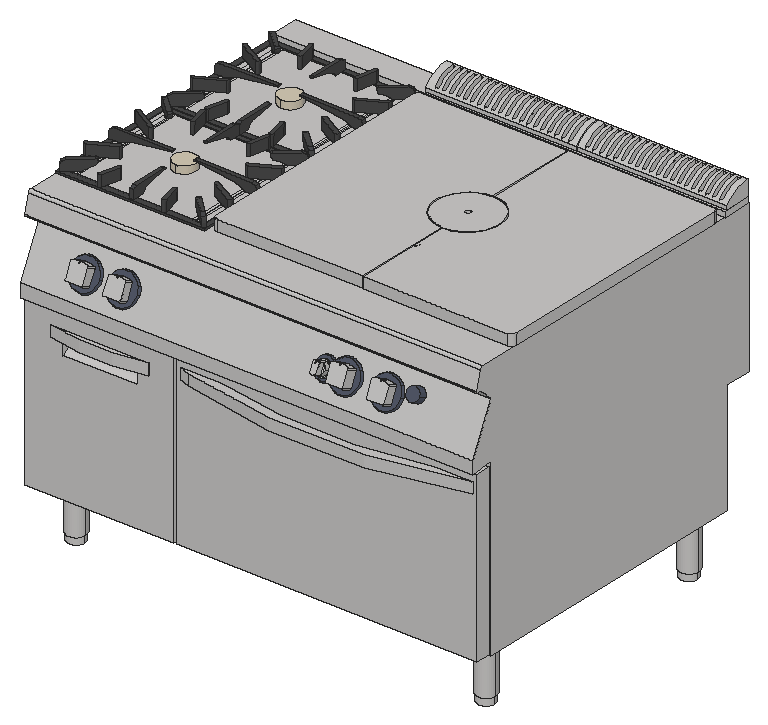
Revit family "QF_ZANUSSI_392021_Z9STGL3010", category Specialty Equipment, Revit 2018 (continued)
Definition of nested family "QF_392021_BURNER"
  Automatic sketch dimensions
    curve 22 to curve 23 = 17.925 mm
    curve 25 to curve 22 = 3.035 mm
    plane 8 "Center X" to curve 26 = 43.244 mm
    curve 15 to curve 15 = 5.054 mm
    plane 8 "Center X" to curve 17 = 1.126 mm
    curve 94 to curve 12 = 5.286 mm
    curve 58 to plane 5 "FRONT" = 15 mm
    curve 59 to plane 5 "FRONT" = 15 mm
    curve 8 to plane 5 "FRONT" = 5.6 mm
    plane 3 "LEFT" to Extrusion 1 sketch curve = 0.709 mm
    plane 3 "LEFT" to Extrusion 1 sketch curve = 3.327 mm
    Extrusion 1 sketch curve to Extrusion 1 sketch curve = 10.201 mm
    plane 10 to Extrusion 1 sketch curve = 5 mm  (x2)
    Extrusion 1 sketch curve to Extrusion 1 sketch curve = 29.447 mm
    Extrusion 1 sketch curve to Extrusion 1 sketch curve = 12.704 mm  (x2)
    Extrusion 1 sketch curve to Extrusion 1 sketch curve = 15.555 mm  (x2)
    plane 3 "LEFT" to Extrusion 1 sketch curve = 79.689 mm
    Extrusion 1 sketch curve to plane 7 "Center Y" = 30.161 mm
    Extrusion 1 sketch curve to Extrusion 1 sketch curve = 0.167 mm  (x2)
    plane 7 "Center Y" to Extrusion 1 sketch curve = 29.994 mm
    Extrusion 1 sketch curve to plane 4 "RIGHT" = 79.689 mm
    plane 10 to Extrusion 1 sketch curve = 18.171 mm
    Extrusion 1 sketch curve to plane 4 "RIGHT" = 58.415 mm
    Extrusion 1 sketch curve to plane 4 "RIGHT" = 13.528 mm
    Extrusion 1 sketch curve to plane 4 "RIGHT" = 3.327 mm
    Extrusion 1 sketch curve to plane 4 "RIGHT" = 0.709 mm
    Extrusion 1 sketch curve to Extrusion 1 sketch curve = 23.902 mm  (x2)
    Extrusion 1 sketch curve to plane 6 "TOP" = 26.807 mm  (x2)
    Extrusion 1 sketch curve to Extrusion 1 sketch curve = 1.185 mm  (x2)
    Extrusion 1 sketch curve to Extrusion 1 sketch curve = 5.694 mm
    Extrusion 2 sketch curve to plane 1 "BACK" = 0 mm
    plane 1 "BACK" to Extrusion 2 sketch curve = 10.213 mm
    plane 10 to Extrusion 2 sketch curve = 5 mm  (x2)
    plane 1 "BACK" to Extrusion 2 sketch curve = 29.066 mm
    plane 10 to Extrusion 2 sketch curve = 20.886 mm
    Extrusion 2 sketch curve to Extrusion 2 sketch curve = 22.688 mm  (x2)
    Extrusion 2 sketch curve to plane 10 = 7.392 mm  (x2)
    Extrusion 2 sketch curve to plane 6 "TOP" = 24.425 mm
    Extrusion 2 sketch curve to Extrusion 2 sketch curve = 51.752 mm
    Extrusion 2 sketch curve to plane 6 "TOP" = 26.807 mm  (x2)
    Extrusion 2 sketch curve to Extrusion 2 sketch curve = 0.167 mm  (x2)
    Extrusion 2 sketch curve to plane 8 "Center X" = 68.528 mm
    Extrusion 2 sketch curve to plane 5 "FRONT" = 60.248 mm
    Extrusion 2 sketch curve to Extrusion 2 sketch curve = 2.895 mm
    Extrusion 2 sketch curve to plane 5 "FRONT" = 15.813 mm
    Extrusion 2 sketch curve to plane 5 "FRONT" = 5.6 mm
    Extrusion 2 sketch curve to Extrusion 2 sketch curve = 4.731 mm
    Extrusion 2 sketch curve to Extrusion 2 sketch curve = 23.844 mm
    Extrusion 2 sketch curve to Extrusion 2 sketch curve = 1.185 mm
    plane 1 "BACK" to Extrusion 3 sketch curve = 0 mm
    Extrusion 3 sketch curve to plane 3 "LEFT" = 0 mm
    plane 5 "FRONT" to Extrusion 3 sketch curve = 0 mm
    Extrusion 3 sketch curve to plane 4 "RIGHT" = 0 mm
    plane 1 "BACK" to Extrusion 3 sketch curve = 15 mm
    Extrusion 3 sketch curve to plane 5 "FRONT" = 15 mm
    plane 3 "LEFT" to Extrusion 3 sketch curve = 15 mm
    Extrusion 3 sketch curve to plane 4 "RIGHT" = 15 mm
    Extrusion 3 to Extrusion 4 sketch curve = 159.603 mm
    Extrusion 5 sketch curve to plane 10 = 0 mm
    plane 3 "LEFT" to Extrusion 5 sketch curve = 15 mm
    Extrusion 5 sketch curve to Extrusion 5 sketch curve = 14.402 mm
    plane 10 to Extrusion 5 sketch curve = 5 mm
    Extrusion 5 sketch curve to Extrusion 5 sketch curve = 15.156 mm
    plane 10 to Extrusion 5 sketch curve = 2.933 mm  (x3)
    Extrusion 5 sketch curve to Extrusion 5 sketch curve = 7.716 mm  (x2)
    Extrusion 5 sketch curve to Extrusion 5 sketch curve = 0 mm  (x3)
    Extrusion 5 sketch curve to Extrusion 5 sketch curve = 1.692 mm  (x2)
    Extrusion 5 sketch curve to Extrusion 5 sketch curve = 3.385 mm  (x2)
    Extrusion 5 sketch curve to plane 10 = 3.559 mm  (x2)
    plane 10 to Extrusion 5 sketch curve = 3.679 mm
    Extrusion 5 sketch curve to plane 4 "RIGHT" = 45.799 mm
    Extrusion 5 sketch curve to Extrusion 5 sketch curve = 1.143 mm
    Extrusion 5 sketch curve to plane 10 = 13.244 mm
    Extrusion 5 sketch curve to plane 4 "RIGHT" = 15 mm
    plane 10 to Extrusion 6 sketch curve = 5 mm  (x2)
    Extrusion 6 sketch curve to Extrusion 6 sketch curve = 2.692 mm  (x2)
    Extrusion 6 sketch curve to Extrusion 6 sketch curve = 10.213 mm  (x2)
    plane 10 to Extrusion 6 sketch curve = 12.281 mm
    Extrusion 6 sketch curve to Extrusion 6 sketch curve = 29.348 mm  (x2)
    Extrusion 6 sketch curve to Extrusion 6 sketch curve = 3.155 mm  (x2)
    Extrusion 6 sketch curve to Extrusion 6 sketch curve = 22.572 mm
    Extrusion 6 sketch curve to Extrusion 6 sketch curve = 8.81 mm
    Extrusion 6 sketch curve to Extrusion 6 sketch curve = 9.845 mm  (x2)
    Extrusion 6 sketch curve to Extrusion 6 sketch curve = 3.99 mm  (x2)
    Extrusion 6 sketch curve to Extrusion 6 sketch curve = 0 mm  (x2)
    Extrusion 6 sketch curve to Extrusion 6 sketch curve = 49.533 mm
    Extrusion 6 sketch curve to plane 10 = 64.377 mm
    Extrusion 6 sketch curve to Extrusion 6 sketch curve = 326.397 mm
    Extrusion 6 sketch curve to plane 6 "TOP" = 28.141 mm
    Extrusion 6 sketch curve to Extrusion 6 sketch curve = 16.281 mm
    Extrusion 6 sketch curve to Extrusion 6 sketch curve = 1.035 mm
    Extrusion 6 sketch curve to Extrusion 6 sketch curve = 19.417 mm
    Extrusion 6 sketch curve to Extrusion 6 sketch curve = 4.763 mm  (x2)
    Extrusion 6 sketch curve to Extrusion 6 sketch curve = 3.716 mm
    plane 10 to Extrusion 7 sketch curve = 5 mm  (x2)
    Extrusion 7 sketch curve to Extrusion 7 sketch curve = 2.692 mm  (x2)
    Extrusion 7 sketch curve to Extrusion 7 sketch curve = 10.213 mm  (x2)
    plane 10 to Extrusion 7 sketch curve = 12.281 mm
    Extrusion 7 sketch curve to Extrusion 7 sketch curve = 29.348 mm  (x2)
    Extrusion 7 sketch curve to Extrusion 7 sketch curve = 3.155 mm  (x2)
    Extrusion 7 sketch curve to Extrusion 7 sketch curve = 22.572 mm
    Extrusion 7 sketch curve to Extrusion 7 sketch curve = 8.81 mm
    Extrusion 7 sketch curve to Extrusion 7 sketch curve = 9.845 mm  (x2)
    Extrusion 7 sketch curve to Extrusion 7 sketch curve = 3.99 mm  (x2)
    Extrusion 7 sketch curve to Extrusion 7 sketch curve = 0 mm  (x2)
    Extrusion 7 sketch curve to Extrusion 7 sketch curve = 21.306 mm
    Extrusion 7 sketch curve to plane 10 = 64.377 mm  (x2)
    Extrusion 7 sketch curve to Extrusion 7 sketch curve = 326.397 mm
    Extrusion 7 sketch curve to plane 6 "TOP" = 28.141 mm
    Extrusion 7 sketch curve to Extrusion 7 sketch curve = 16.281 mm
    Extrusion 7 sketch curve to Extrusion 7 sketch curve = 1.035 mm
    Extrusion 7 sketch curve to Extrusion 7 sketch curve = 19.417 mm
    Extrusion 7 sketch curve to Extrusion 7 sketch curve = 7.281 mm
    Extrusion 7 sketch curve to Extrusion 7 sketch curve = 10.713 mm
    curve 58 to curve 12 = 72.824 mm
    curve 30 to curve 30 = 73.227 mm
    curve 58 to curve 5 = 10.263 mm
    curve 5 to curve 58 = 0 mm
    curve 59 to curve 30 = 10.263 mm
    curve 30 to curve 8 = 9.4 mm
    curve 31 to curve 32 = 0 mm
    curve 33 to curve 38 = 0 mm  (x2)
    curve 33 to curve 39 = 0 mm  (x2)
    curve 33 to curve 40 = 0 mm  (x2)
    plane 1 "BACK" to curve 41 = 0 mm
    curve 41 to plane 3 "LEFT" = 0 mm
    curve 31 to plane 7 "Center Y" = 0 mm
    curve 33 to plane 7 "Center Y" = 0 mm
    curve 41 to plane 4 "RIGHT" = 0 mm
    plane 3 "LEFT" to curve 76 = 1.326 mm
    plane 3 "LEFT" to curve 64 = 1.326 mm
    plane 3 "LEFT" to curve 44 = 2.995 mm
    plane 3 "LEFT" to curve 46 = 2.995 mm
    curve 43 to curve 43 = 2.408 mm
    curve 46 to curve 47 = 2.408 mm
    curve 47 to curve 47 = 2.408 mm
    curve 43 to curve 42 = 2.408 mm
    curve 76 to plane 5 "FRONT" = 0.514 mm
    plane 3 "LEFT" to curve 76 = 8.029 mm
    plane 1 "BACK" to curve 62 = 0.514 mm
    plane 3 "LEFT" to curve 62 = 8.029 mm
    curve 48 to curve 75 = 50.941 mm
    curve 43 to curve 63 = 50.941 mm
    curve 75 to curve 75 = 3.351 mm
    curve 63 to curve 63 = 3.351 mm
    plane 1 "BACK" to curve 62 = 52.383 mm
    curve 63 to curve 62 = 3.351 mm
    curve 74 to plane 5 "FRONT" = 52.383 mm
    curve 75 to curve 74 = 3.351 mm
    plane 3 "LEFT" to curve 46 = 65.629 mm
    plane 3 "LEFT" to curve 44 = 65.629 mm
    curve 45 to curve 45 = 2.408 mm
    curve 46 to curve 49 = 2.408 mm
    curve 49 to curve 48 = 2.408 mm
    curve 45 to curve 42 = 2.408 mm
    curve 38 to plane 8 "Center X" = 2.597 mm
    curve 38 to plane 7 "Center Y" = 51.172 mm
    curve 33 to plane 8 "Center X" = 2.597 mm
    curve 38 to curve 33 = 12.999 mm
    curve 33 to plane 7 "Center Y" = 5 mm
    curve 38 to plane 7 "Center Y" = 5 mm
    curve 31 to curve 33 = 0 mm
    plane 7 "Center Y" to curve 32 = 5 mm
    plane 7 "Center Y" to curve 40 = 5 mm
    curve 39 to curve 32 = 0 mm
    curve 39 to plane 8 "Center X" = 2.597 mm
    plane 7 "Center Y" to curve 39 = 38.172 mm
    curve 40 to plane 8 "Center X" = 2.704 mm
    curve 39 to curve 40 = 12.979 mm
    curve 50 to plane 4 "RIGHT" = 70.445 mm
    curve 57 to plane 4 "RIGHT" = 70.445 mm
    curve 50 to curve 53 = 2.408 mm
    curve 57 to curve 57 = 2.408 mm  (x2)
    curve 53 to curve 53 = 2.408 mm
    curve 71 to curve 71 = 3.351 mm
    curve 67 to curve 67 = 3.351 mm
    curve 71 to curve 69 = 3.351 mm
    curve 67 to curve 65 = 3.351 mm
    curve 60 to plane 4 "RIGHT" = 15 mm
    curve 72 to plane 5 "FRONT" = 0.514 mm
    curve 72 to plane 4 "RIGHT" = 8.029 mm
    plane 1 "BACK" to curve 68 = 0.514 mm
    curve 68 to plane 4 "RIGHT" = 8.029 mm
    curve 50 to plane 4 "RIGHT" = 7.81 mm
    curve 55 to plane 4 "RIGHT" = 7.81 mm
    curve 55 to curve 55 = 2.408 mm
    curve 50 to curve 51 = 2.408 mm
    curve 55 to plane 4 "RIGHT" = 2.995 mm
    curve 51 to plane 4 "RIGHT" = 2.995 mm
    curve 69 to plane 4 "RIGHT" = 1.326 mm
    curve 65 to plane 4 "RIGHT" = 1.326 mm
    curve 72 to plane 5 "FRONT" = 7.935 mm
    curve 60 to plane 5 "FRONT" = 20.286 mm
    curve 71 to curve 56 = 27.93 mm
    curve 73 to curve 48 = 27.93 mm
    curve 47 to curve 47 = 4.382 mm
    curve 55 to curve 55 = 4.382 mm
    curve 56 to plane 8 "Center X" = 55.651 mm
    curve 48 to plane 8 "Center X" = 55.651 mm
    curve 57 to curve 57 = 4.382 mm
    curve 49 to curve 49 = 4.382 mm
    curve 40 to plane 8 "Center X" = 44.773 mm
    curve 39 to curve 32 = 4.818 mm
    plane 8 "Center X" to curve 31 = 2.403 mm
    plane 8 "Center X" to curve 45 = 46.886 mm
    plane 8 "Center X" to curve 52 = 46.886 mm
    curve 53 to curve 53 = 4.382 mm
    curve 45 to curve 45 = 4.382 mm
    curve 53 to curve 52 = 34.416 mm
    curve 44 to curve 61 = 36.694 mm
    curve 43 to curve 43 = 4.382 mm
    curve 51 to curve 51 = 4.382 mm
    curve 51 to curve 65 = 27.93 mm
    plane 1 "BACK" to curve 83 = 20.286 mm
    plane 1 "BACK" to curve 88 = 15 mm
    plane 1 "BACK" to curve 77 = 15 mm
    curve 77 to curve 83 = 30.799 mm
    curve 78 to plane 5 "FRONT" = 15 mm
    curve 80 to curve 71 = 7.989 mm
    curve 78 to curve 60 = 30.799 mm
    curve 78 to curve 80 = 13.475 mm
    curve 55 to curve 79 = 10.979 mm
    curve 82 to curve 57 = 6.514 mm
    curve 80 to curve 78 = 0 mm
    curve 80 to curve 82 = 11.41 mm
    curve 77 to curve 66 = 37.77 mm
    curve 60 to curve 79 = 11.41 mm
    plane 8 "Center X" to curve 81 = 7.403 mm
    plane 8 "Center X" to curve 84 = 7.403 mm
    curve 82 to plane 8 "Center X" = 2.597 mm
    curve 82 to curve 84 = 0 mm
    curve 79 to plane 8 "Center X" = 2.597 mm
    curve 79 to curve 81 = 0 mm
    curve 81 to curve 51 = 10.979 mm
    curve 53 to curve 85 = 17.924 mm
    curve 84 to curve 81 = 30.799 mm
    curve 84 to curve 85 = 11.41 mm
    curve 52 to curve 84 = 19.83 mm
    curve 81 to curve 83 = 11.41 mm
    curve 67 to curve 85 = 7.989 mm
    curve 85 to curve 77 = 0 mm
    curve 85 to curve 77 = 13.475 mm
    curve 86 to curve 37 = 26.152 mm
    curve 4 to curve 86 = 10.263 mm
    curve 86 to curve 4 = 0 mm
    curve 36 to curve 21 = 26.152 mm
    curve 88 to curve 88 = 25 mm
    plane 8 "Center X" to curve 89 = 69.193 mm
    curve 43 to curve 90 = 9.597 mm
    curve 43 to curve 90 = 0.432 mm
    plane 1 "BACK" to curve 90 = 20.286 mm
    curve 93 to plane 8 "Center X" = 2.597 mm
    plane 8 "Center X" to curve 91 = 7.403 mm
    curve 95 to plane 8 "Center X" = 69.193 mm
    curve 93 to curve 94 = 28.333 mm
    curve 95 to curve 12 = 33.104 mm
    curve 21 to curve 87 = 10.263 mm
    curve 87 to curve 21 = 0 mm
    curve 91 to curve 90 = 11.41 mm
    curve 89 to curve 87 = 21.732 mm
    curve 89 to curve 92 = 11.41 mm
    curve 92 to curve 89 = 0 mm
    plane 8 "Center X" to curve 92 = 7.403 mm
    curve 91 to curve 90 = 0 mm
    curve 93 to curve 95 = 0 mm
    curve 93 to curve 95 = 11.41 mm
    curve 11 to curve 94 = 0 mm
    curve 11 to curve 94 = 11.41 mm
    curve 95 to curve 11 = 30.799 mm
    curve 95 to curve 12 = 13.475 mm
    plane 3 "LEFT" to curve 95 = 45.799 mm
    curve 95 to curve 5 = 33.104 mm
    Extrusion 8 sketch curve to Extrusion 3 = 5.275 mm  (x2)
    Extrusion 8 sketch curve to Extrusion 8 sketch curve = 1.125 mm  (x16)
    Extrusion 3 to Extrusion 8 sketch curve = 38.711 mm  (x2)
    Extrusion 8 sketch curve to Extrusion 3 = 7.19 mm  (x3)
    Extrusion 3 to Extrusion 8 sketch curve = 72.734 mm  (x2)
    Extrusion 8 sketch curve to Extrusion 8 sketch curve = 4.382 mm  (x16)
    Extrusion 8 sketch curve to Extrusion 3 = 2.995 mm  (x4)
    Extrusion 8 sketch curve to Extrusion 8 sketch curve = 34.416 mm  (x4)
    Extrusion 3 to Extrusion 8 sketch curve = 50.629 mm  (x3)
    Extrusion 8 sketch curve to Extrusion 8 sketch curve = 93.773 mm  (x2)
    Extrusion 3 to Extrusion 8 sketch curve = 40.96 mm  (x2)
    Extrusion 8 sketch curve to Extrusion 3 = 7.476 mm  (x2)
    Extrusion 8 sketch curve to Extrusion 8 sketch curve = 2.408 mm  (x4)
    Extrusion 3 to Extrusion 8 sketch curve = 91.634 mm  (x2)
    Extrusion 8 sketch curve to Extrusion 8 sketch curve = 4.872 mm  (x8)
    Extrusion 8 sketch curve to Extrusion 8 sketch curve = 11.182 mm  (x4)
    Extrusion 3 to Extrusion 8 sketch curve = 112.56 mm
    Extrusion 8 sketch curve to Extrusion 8 sketch curve = 61.931 mm
    Extrusion 3 to Extrusion 8 sketch curve = 55.445 mm
    Extrusion 8 sketch curve to Extrusion 8 sketch curve = 4.816 mm
    curve 67 to curve 85 = 19.656 mm
    curve 71 to curve 80 = 19.656 mm
    curve 99 to plane 5 "FRONT" = 7.524 mm
    curve 74 to curve 99 = 41.179 mm
    curve 98 to curve 99 = 4.872 mm
    curve 96 to plane 5 "FRONT" = 5.275 mm
    curve 99 to curve 96 = 4.872 mm
    curve 99 to curve 98 = 11.182 mm
    curve 98 to curve 97 = 4.872 mm
    curve 96 to plane 5 "FRONT" = 53.711 mm
    curve 97 to curve 96 = 4.872 mm
    curve 97 to curve 97 = 1.125 mm
    curve 103 to curve 70 = 62.105 mm
    curve 103 to curve 103 = 4.872 mm  (x2)
    curve 100 to plane 5 "FRONT" = 5.275 mm
    curve 100 to curve 100 = 11.182 mm
    curve 101 to curve 101 = 4.872 mm
    curve 102 to plane 5 "FRONT" = 7.524 mm
    curve 101 to curve 102 = 4.872 mm
    curve 100 to curve 100 = 48.436 mm
    curve 103 to curve 103 = 1.125 mm
    curve 106 to curve 67 = 62.105 mm
    curve 107 to curve 107 = 4.872 mm
    plane 1 "BACK" to curve 104 = 55.96 mm
    curve 107 to curve 104 = 4.872 mm
    plane 1 "BACK" to curve 105 = 5.275 mm
    curve 107 to curve 105 = 11.182 mm
    curve 105 to curve 105 = 4.872 mm  (x2)
    curve 107 to curve 107 = 1.125 mm
    plane 1 "BACK" to curve 104 = 7.524 mm
    plane 1 "BACK" to curve 109 = 7.524 mm
    curve 62 to curve 109 = 41.179 mm
    curve 109 to curve 109 = 4.872 mm
    plane 1 "BACK" to curve 108 = 5.275 mm
    curve 109 to curve 108 = 4.872 mm
    curve 110 to curve 111 = 11.182 mm
    curve 110 to curve 111 = 4.872 mm
    plane 1 "BACK" to curve 108 = 53.711 mm
    curve 111 to curve 108 = 4.872 mm
    curve 111 to curve 108 = 2.25 mm
    radius of Extrusion 4 sketch curve = 30 mm
